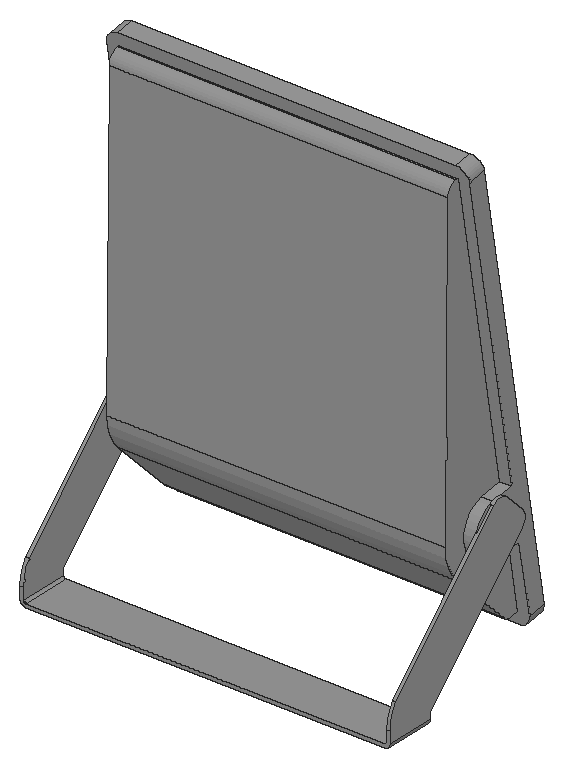
Revit family "0048538", category Lighting Fixtures, host Face, Revit 2017
Family settings
  Host = Face
  Round Connector Dimension = Use Diameter
  Part Type = Normal
  OmniClass Number = 23.80.70.00
  OmniClass Title = Lighting
  Cut with Voids When Loaded = No
  Light Source = No
  Shared = No
  Room Calculation Point = No
Parameters (values of type "0048538 START FLOOD IP66 20KLM 840 WB")
  WingRadius_SYL = 10 mm
  WingLength_SYL = if([50W_SYL], 100 mm, if([100W_SYL], 142 mm, if([150W_SYL], 142 mm, if([200W_SYL], 150 mm, 170 mm))))  # 142 mm
  WidthBracket_SYL = 40 mm
  Weight = "4.6 kg"
  Wattage Comments = ""
  WarrantyStartDate [instance] = "n/a"
  WarrantyGuarantorParts = "n/a"
  WarrantyDurationUnit = "n/a"
  WarrantyDurationParts = "n/a"
  WarrantyDescription = "n/a"
  Voltage = 0 V
  URL = "http://www.sylvania-lighting.com"
  TypeName = "Start Flood IP66 20KLM 840 WB"
  TypeHead_SYL = START Flood IP66 150W luminaire : 0048538
  Type Image = <None>
  Type Comments = "n/a"
  ThicknessBracket_SYL = 3 mm
  SerialNumber [instance] = "n/a"
  RotationAngle_SYL [instance] = -100.00°
  RadiusOutBracket_SYL = 5 mm
  RadiusInBracket_SYL = 2 mm
  Material_3_SYL = none
  PowerFactor = 0.99
  PowerConsumption = "150 W"
  NominalLength = 451 mm
  NominalHeight = 77 mm
  NominalDepth = 330 mm
  Name = "Start Flood IP66 20KLM 840 WB"
  ModelReference = Name  # "Start Flood IP66 20KLM 840 WB"
  ModelNumber = "0048538"
  Model = Name  # "Start Flood IP66 20KLM 840 WB"
  Material = "n/a"
  ManufacturerName = "Feilo Sylvania"
  Manufacturer = "Feilo Sylvania"
  LuminousEfficacy = "139 lm/W"
  LuminaireType = ""
  LightOutputRatio = "n/a"
  LengthIn_SYL = if([50W_SYL], 210 mm, if([100W_SYL], 300 mm, if([150W_SYL], 295 mm, if([200W_SYL], 360 mm, 430 mm))))  # 295 mm
  LampsType = Lamp  # "LED"
  LampNominalLuminous = "20800 lm"
  LampMacAdamStep = "4"
  LampColourTemperature = "4000 K"
  LampColourRenderingIndex = "70"
  Lamp = "LED"
  Keynote = "16500"
  InstallationDate [instance] = "n/a"
  InputVoltage = "n/a"
  InputNominalFrequency = "n/a"
  IngressProtection = "IP66"
  ImpactProtectionIndex = "IK08"
  IfcExportType = "IfcLightFixtureType"
  IfcExportAs = "IfcLightFixtureType"
  EndAngle_SYL [instance] = RotationAngle_SYL + 180.00°  # 80.00°
  ElectricShockClassification = "Class I"
  DocumentationLiterature = "http://www.sylvania-lighting.com/product/en-int/products/0048538"
  DimmingControlOptions = "n/a"
  Material_2_SYL = none
  Description = "Exterior LED Floodlight, comes complete with 1500mm flying lead and adjustable bracket, aluminium housing, clear glass diffuser, IP66, IK08, Class I, 4000K, Non-dimming, 20800lm, 150W, 139lm/W, CRI80, Symmetrical Wide beam angle (60°), 60000 hrs L70B50 lifetime, 451 x 330 x 77mm (LxWxD) dimensions, 4.6kg weight."
  Default Elevation = 1219.2 mm
  CreatedOn = "9/23/2020"
  CreatedBy = "@sylvania-lighting.com"
  Cost = 0
  built-in parameter 1114216 [instance] = (empty or 0)
  ClassificationValue = "EF_70_80"
  ClassificationName = "Uniclass2015"
  Material_1_SYL = Steel, Paint Finish, Dark Gray, Matte
  BarCode [instance] = "n/a"
  AxisOffsetWingEnd_SYL = WidthBracket_SYL / 2  # 20 mm
  AxisHeight_SYL = sin(45.00°) * WingLength_SYL  # 100.409 mm
  AxisDepth_SYL = cos(45.00°) * (WingLength_SYL - tan(45.00°) * AxisOffsetWingEnd_SYL - AxisOffsetWingEnd_SYL)  # 72.125 mm
  AssetType = "Fixed"
  AssetIdentifier [instance] = "n/a"
  Assembly Code = "D5020200"
  Apparent Load = 150 VA
  Material_4_SYL = none
  50W_SYL = no
  200W_SYL = no
  150W_SYL = yes
  100W_SYL = no
Reference planes
  plane 1 "Center (Front/Back)": y = 0
  plane 2: z = 0
  plane 3 "Center (Left/Right)": x = 0
  plane 4: x = 150.5
  plane 5: x = -150.5
  plane 6: x = 147.5
  plane 7: x = -147.5
  plane 8: z = 10
  plane 9: y = 20
  plane 10: y = -20
  plane 11: z = 3
  plane 12: z = 110.409
  plane 13: y = 92.125
Forms (mm)
  Extrusion 1, solid, material "Steel, Paint Finish, Dark Gray, Matte" <- "Material_1_SYL"
    sketch origin (0, 0, 0) x (1, 0, 0) y (0, 0, 1)
      loop
        arc (145.5, 0) -> (149.036, 1.464) -> (150.5, 5) r 5
        line (150.5, 5) -> (150.5, 10) -> (147.5, 10) -> (147.5, 5)
        arc (147.5, 5) -> (146.914, 3.586) -> (145.5, 3) r 2
        line (145.5, 3) -> (-145.5, 3)
        arc (-145.5, 3) -> (-146.914, 3.586) -> (-147.5, 5) r 2
        line (-147.5, 5) -> (-147.5, 10) -> (-150.5, 10) -> (-150.5, 5)
        arc (-150.5, 5) -> (-149.036, 1.464) -> (-145.5, 0) r 5
        line (-145.5, 0) -> (145.5, 0)
    from -20 to 20
  Extrusion 2, solid, material "Steel, Paint Finish, Dark Gray, Matte" <- "Material_1_SYL"
    sketch origin (147.5, -4572, 2609.058) x (0, 0, 1) y (0, -1, 0)
      loop
        line (-2599.058, -4592) -> (-2505.72, -4685.338)
        arc (-2505.72, -4685.338) -> (-2498.649, -4688.267) -> (-2491.578, -4685.338) r 10
        line (-2491.578, -4685.338) -> (-2477.436, -4671.196)
        arc (-2477.436, -4671.196) -> (-2474.507, -4664.125) -> (-2477.436, -4657.054) r 10
        line (-2477.436, -4657.054) -> (-2576.632, -4557.858)
        arc (-2576.632, -4557.858) -> (-2585.316, -4553.5) -> (-2594.916, -4552) r 31.464
        line (-2594.916, -4552) -> (-2599.058, -4552) -> (-2599.058, -4592)
    from 0 to 3
  Extrusion 3, solid, material "Steel, Paint Finish, Dark Gray, Matte" <- "Material_1_SYL"
    sketch origin (-150.5, -4572, 2609.058) x (0, 0, 1) y (0, -1, 0)
      loop
        arc (-2505.72, -4685.338) -> (-2498.649, -4688.267) -> (-2491.578, -4685.338) r 10
        line (-2491.578, -4685.338) -> (-2477.436, -4671.196)
        arc (-2477.436, -4671.196) -> (-2474.507, -4664.125) -> (-2477.436, -4657.054) r 10
        line (-2477.436, -4657.054) -> (-2576.632, -4557.858)
        arc (-2576.632, -4557.858) -> (-2585.316, -4553.5) -> (-2594.916, -4552) r 31.464
        line (-2594.916, -4552) -> (-2604.058, -4552) -> (-2604.058, -4592) -> (-2599.058, -4592) -> (-2505.72, -4685.338)
    from 0 to 3
  Revolve 4, solid, not visible
    sketch origin (1223.4, -4572, 110.409) x (0, -1, 0) y (1, 0, 0)
      loop
        line (-4664.125, -1223.4) -> (-4679.125, -1223.4) -> (-4679.125, -1273.4) -> (-4664.125, -1273.4) -> (-4664.125, -1223.4)
      axis (-4664.125, -1223.4) -> (-4664.125, -1273.4)
    angle from -100 <- "RotationAngle_SYL" to 80 <- "EndAngle_SYL"
Cuts and joins
  joined: Extrusion 1, Extrusion 2, Extrusion 3
Lines and regions (mm)
  reference lines
    curve 1: line (0, 20, 10) -> (0, 172.028, 162.028)
    curve 2: line (0, 133.744, 180.312) -> (0, -20, 26.569)
    curve 3: line (0, 92.125, 138.693) -> (0, 120.409, 110.409)
    curve 4: line (-150.5, 4.393, 22.678) -> (-150.5, 170.135, 188.419)
    curve 5: line (0, 77.983, 124.551) -> (0, 106.267, 96.267)
Dimensions and locks
  locked: plane 8 to plane 2 at 10
  equal spacing: plane 10, plane 1 "Center (Front/Back)", plane 9
  "WidthBracket_SYL": plane 10 to plane 9
  "WidthBracket_SYL": curve 1 to curve 2
  "ThicknessBracket_SYL": plane 11 to plane 2
  "WingLength_SYL": curve 1 to curve 3
  level to Extrusion 1 = 10 mm
  equal spacing: plane 6, plane 3 "Center (Left/Right)", plane 7
  "LengthIn_SYL": plane 6 to plane 7
  equal spacing: plane 4, plane 3 "Center (Left/Right)", plane 5
  "ThicknessBracket_SYL": plane 7 to plane 5
  equal spacing: curve 1, curve 4, curve 2
  "AxisOffsetWingEnd_SYL": curve 3 to curve 5
  "AxisHeight_SYL": plane 12 to plane 8
  "AxisDepth_SYL": plane 9 to plane 13
  "RadiusInBracket_SYL": radius of Extrusion 1 sketch curve  (x2)
  "RadiusOutBracket_SYL": radius of Extrusion 1 sketch curve  (x2)
  "WingRadius_SYL": radius of Extrusion 2 sketch curve  (x2)
  locked: plane 8 to curve 1 (angle 45.00°)
  locked: plane 8 to curve 2 (angle 45.00°)
  aligned and locked: plane 2 to host face
  aligned and locked: level to host face
  aligned and locked: plane 9 to curve 1
  aligned and locked: plane 8 to curve 1
  aligned and locked: plane 10 to curve 2
  aligned and locked: plane 5 to Extrusion 1 sketch curve
  aligned and locked: plane 8 to Extrusion 1 sketch curve  (x2)
  aligned and locked: Extrusion 1 sketch curve to plane 7
  aligned and locked: plane 11 to Extrusion 1 sketch curve
  aligned and locked: plane 6 to Extrusion 1 sketch curve
  aligned and locked: Extrusion 1 sketch curve to plane 4
  aligned and locked: Extrusion 1 to plane 9
  aligned and locked: plane 10 to Extrusion 1
  aligned and locked: Extrusion 2 sketch curve to curve 1
  aligned and locked: curve 2 to Extrusion 2 sketch curve
  aligned and locked: plane 10 to Extrusion 2 sketch curve
  aligned and locked: Extrusion 2 sketch curve to Extrusion 1
  aligned and locked: plane 4 to Extrusion 2
  aligned and locked: Extrusion 2 to plane 6
  aligned and locked: plane 7 to Extrusion 3
  aligned and locked: Extrusion 3 to plane 5
  aligned and locked: cut or joined group of Extrusion 1, Extrusion 2, Extrusion 3 to curve 5  (x2)
  aligned and locked: Revolve 4 sketch curve to plane 13  (x2)
  aligned and locked: Revolve 4 sketch curve to curve 3
  aligned and locked: curve 2 to plane 3 "Center (Left/Right)"
  aligned and locked: Extrusion 3 sketch curve to cut or joined group of Extrusion 1, Extrusion 2, Extrusion 3  (x5)
  aligned and locked: cut or joined group of Extrusion 1, Extrusion 2, Extrusion 3 to Extrusion 3 sketch curve
  aligned and locked: nested 1 to plane 3 "Center (Left/Right)"
Automatic sketch dimensions
  host sketch curve to host sketch curve = 2438.4 mm  (x2)
  curve 4 to plane 1 "Center (Front/Back)" = 4.393 mm
  curve 4 to plane 9 = 150.135 mm
  Revolve 4 sketch curve to Revolve 4 sketch curve = 15 mm
  Revolve 4 sketch curve to plane 3 "Center (Left/Right)" = 50 mm
  Revolve 4 sketch curve to plane 5 = 1316.635 mm
  plane 4 to Revolve 4 sketch curve = 1441.773 mm
  Extrusion 3 sketch curve to plane 10 = 5.858 mm
  plane 12 to Extrusion 3 sketch curve = 7.071 mm
  Extrusion 3 sketch curve to plane 12 = 7.071 mm
  Extrusion 3 sketch curve to Extrusion 3 sketch curve = 7.071 mm
  plane 13 to Extrusion 3 sketch curve = 7.071 mm
  Extrusion 1 sketch curve to Extrusion 1 sketch curve = 0 mm  (x2)
  plane 12 to Extrusion 2 sketch curve = 0 mm
  Extrusion 2 sketch curve to plane 13 = 0 mm
  Extrusion 2 sketch curve to Extrusion 2 sketch curve = 4.142 mm
  Extrusion 2 sketch curve to plane 10 = 5.858 mm
  plane 12 to Extrusion 2 sketch curve = 7.071 mm
  Extrusion 2 sketch curve to plane 12 = 7.071 mm
  plane 13 to Extrusion 2 sketch curve = 7.071 mm
  Extrusion 2 sketch curve to plane 13 = 7.071 mm
Nested families
  nested 1: "START Flood IP66 150W luminaire" at (0, 92.125, 110.409) x (-1, 0, 0) z (0, 0.9848, 0.1736), type <- "TypeHead_SYL", type "0048538"
    with built-in parameter 1114216 (empty or 0), Apparent Load 150 VA
Connectors
  electrical at (4.2, 0, 0), driven by "Voltage", driven by "Apparent Load", driven by "PowerFactor"
    settings: on host face, index 1, voltage 0 V, apparent load 150 VA, apparent load phase1 0 VA, apparent load phase2 0 VA, apparent load phase3 0 VA, power factor 0.99, load classification "Other", number of poles 1, system type 30, power factor state 1, is connector primary yes, connector utility no, sub classification motor no, connector description ""
Definition of nested family "START Flood IP66 150W luminaire"
  Parameters (values of type "0048211 Start Flood IP66 21000lm 740 ASYM")
    WidthHead_SYL = if([50W_SYL], 210 mm, if([100W_SYL], 300 mm, if([150W_SYL], 295 mm, if([200W_SYL], 360 mm, 430 mm))))  # 295 mm
    Wattage Comments = "n/a"
    Wattage = 149 W
    built-in parameter 1150110 = 1 (stored number, unit not read)
    URL = "http://www.sylvania-lighting.com"
    Type Image = (empty or 0)
    Type Comments = "n/a"
    built-in parameter 1114217 = 1 (stored number, unit not read)
    Tilt Angle = -90.00°
    built-in parameter 1150109 = 1 (stored number, unit not read)
    built-in parameter 1150134 = 12
    built-in parameter 1150113 = 1 (stored number, unit not read)
    ScreenThickness_SYL = 14.5 mm  # constant formula
    ReflectorOffset_SYL = 12 mm  # constant formula
    ReflectorOffsetIn_SYL = RadiusReflectorFront_SYL  # 30 mm
    ReflectorHeight_SYL = if([50W_SYL], 145 mm, if([100W_SYL], 165 mm, if([150W_SYL], 210 mm, if([200W_SYL], 240 mm, 290 mm))))  # 210 mm
    RadiusReflectorIn_SYL = 5 mm  # constant formula
    RadiusReflectorFront_SYL = if([50W_SYL], 30 mm, if([100W_SYL], 30 mm, if([150W_SYL], 30 mm, if([200W_SYL], 30 mm, 35 mm))))  # 30 mm
    RadiusHinge_SYL = RadiusBack_SYL / 1.8  # 22.222 mm
    RadiusBack_SYL = if([50W_SYL], 31.3 mm, if([100W_SYL], 40 mm, if([150W_SYL], 40 mm, if([200W_SYL], 50 mm, 55 mm))))  # 40 mm
    Photometric Web File = "0048211.ies"
    OffsetBack_SYL = 10 mm  # constant formula
    Material_5_SYL = none
    Material_3_SYL = none
    Model = "Start Flood IP66 21000lm 740 ASYM"
    Manufacturer = "Feilo Sylvania"
    built-in parameter 1150105 = 11135.6 (stored number, unit not read)
    Lumens = 20562 lm
    built-in parameter 1150115 = 1 (stored number, unit not read)
    built-in parameter 1150137 = (empty or 0)
    built-in parameter 1150139 = (empty or 0)
    built-in parameter 1150112 = 1 (stored number, unit not read)
    built-in parameter 1150114 = 1 (stored number, unit not read)
    Lamp = "LED"
    Keynote = "16500"
    Material_2_SYL = none
    built-in parameter 1150132 = (empty or 0)
    built-in parameter 1150102 = (empty or 0)
    built-in parameter 1150107 = 4000 (stored number, unit not read)
    built-in parameter 1150138 = (empty or 0)
    built-in parameter 1150106 = 111.36 (stored number, unit not read)
    HeightHead_SYL = if([50W_SYL], 250 mm, if([100W_SYL], 320 mm, if([150W_SYL], 367 mm, if([200W_SYL], 400 mm, 470 mm))))  # 367 mm
    Emit from Rectangle Width = WidthHead_SYL - 4 mm - ReflectorOffset_SYL * 2 - ReflectorOffsetIn_SYL * 2  # 207 mm
    Emit from Rectangle Length = ReflectorHeight_SYL - ReflectorOffsetIn_SYL * 2  # 150 mm
    Emit Shape Visible in Rendering = no
    built-in parameter 1150104 = 12.821 (stored number, unit not read)
    Dimming Lamp Color Temperature Shift = (empty or 0)
    Description = ""
    Default Elevation = 1219.2 mm
    Cost = 0
    Color Filter = 16777215
    built-in parameter 1114216 [instance] = (empty or 0)
    Material_1_SYL = none
    Chamfer_SYL = if([50W_SYL], 15 mm, if([100W_SYL], 15 mm, if([150W_SYL], 15 mm, if([200W_SYL], 15 mm, 20 mm))))  # 15 mm
    built-in parameter 1114218 = 1 (stored number, unit not read)
    AxisOffsetBottom_SYL = if([50W_SYL], 68 mm, if([100W_SYL], 80 mm, if([150W_SYL], 92.2 mm, if([200W_SYL], 99.7 mm, 117 mm))))  # 92.2 mm
    AxisOffsetFront_SYL = if([50W_SYL], 28.4 mm, if([100W_SYL], 33.2 mm, if([150W_SYL], 33.2 mm, if([200W_SYL], 32.9 mm, 38.3 mm))))  # 33.2 mm
    built-in parameter 1150133 = 10 (stored number, unit not read)
    Assembly Code = "D5020200"
    Apparent Load = 149 VA
    Material_4_SYL = none
    50W_SYL = no
    200W_SYL = no
    150W_SYL = yes
    100W_SYL = no
  Types (2, lengths in mm): name | Photometric Web File | Model | built-in parameter 1150105 | Lumens | built-in parameter 1150106 | built-in parameter 1150104
    0048211 Start Flood IP66 21000lm 740 ASYM | "0048211.ies" | "Start Flood IP66 21000lm 740 ASYM" | 11135.6 (stored number, unit not read) | 20562 lm | 111.36 (stored number, unit not read) | 12.821 (stored number, unit not read)
    0048210 Start Flood IP66 21000lm 740 WB | "0048210.ies" | "Start Flood IP66 21000lm 740 WB" | 24061.3 (stored number, unit not read) | 21605 lm | 240.61 (stored number, unit not read) | 13.471 (stored number, unit not read)
  Reference planes
    plane 1 "Center (Front/Back)": y = 0
    plane 2: z = 0
    plane 3 "Center (Left/Right)": x = 0
    plane 4: x = 147.5
    plane 5: x = -147.5
    plane 6: y = -92.2
    plane 7: y = 274.8
    plane 8: z = 33.2
    plane 9: z = 18.7
    plane 10: y = 264.8
    plane 11: y = -82.2
    plane 12: x = -137.5
    plane 13: x = 137.5
    plane 14: x = -145.5
    plane 15: y = 272.8
    plane 16: x = 145.5
    plane 17: y = -90.2
    plane 18: y = 257.8
    plane 19: x = 130.5
    plane 20: x = -130.5
    plane 21: y = -75.2
    plane 22: z = 31.2
    plane 23: z = 8.7
    plane 24: x = -133.5
    plane 25: y = 260.8
    plane 26: x = 133.5
    plane 27: y = 50.8
    plane 28: x = -103.5
    plane 29: y = 80.8
    plane 30: x = 103.5
    plane 31: y = 230.8
    plane 32: y = 155.8
  Forms (mm)
    Extrusion 1, solid
      sketch origin (4.2, 0, 0) x (1, 0, 0) y (0, 1, 0)
        loop
          line (-1219.2, 1219.2) -> (-1219.2, -1219.2) -> (1219.2, -1219.2) -> (1219.2, 1219.2) -> (-1219.2, 1219.2)
      from 0 to -68.017
    Extrusion 2, solid, material <- "Material_1_SYL"
      sketch origin (0, 1219.2, 33.2) x (1, 0, 0) y (0, -1, 0)
        loop
          line (-137.5, 944.4) -> (137.5, 944.4)
          arc (137.5, 944.4) -> (144.571, 947.329) -> (147.5, 954.4) r 10
          line (147.5, 954.4) -> (147.5, 1301.4)
          arc (147.5, 1301.4) -> (144.571, 1308.471) -> (137.5, 1311.4) r 10
          line (137.5, 1311.4) -> (-137.5, 1311.4)
          arc (-137.5, 1311.4) -> (-144.571, 1308.471) -> (-147.5, 1301.4) r 10
          line (-147.5, 1301.4) -> (-147.5, 954.4)
          arc (-147.5, 954.4) -> (-144.571, 947.329) -> (-137.5, 944.4) r 10
      from 0 to 14.5
    Extrusion 3, void
      sketch origin (0, 1219.2, 33.2) x (1, 0, 0) y (0, -1, 0)
        loop
          line (-130.5, 946.4) -> (130.5, 946.4) -> (145.5, 961.4) -> (145.5, 1294.4) -> (130.5, 1309.4) -> (-130.5, 1309.4) -> (-145.5, 1294.4) -> (-145.5, 961.4) -> (-130.5, 946.4)
      from 0 to 2
    Blend 4, void
      base sketch origin (0, 1219.2, 31.2) x (0, -1, 0) y (1, 0, 0)
        loop
          arc (958.4, -103.5) -> (967.187, -124.713) -> (988.4, -133.5) r 30
          line (988.4, -133.5) -> (1138.4, -133.5)
          arc (1138.4, -133.5) -> (1159.613, -124.713) -> (1168.4, -103.5) r 30
          line (1168.4, -103.5) -> (1168.4, 103.5)
          arc (1168.4, 103.5) -> (1159.613, 124.713) -> (1138.4, 133.5) r 30
          line (1138.4, 133.5) -> (988.4, 133.5)
          arc (988.4, 133.5) -> (967.187, 124.713) -> (958.4, 103.5) r 30
          line (958.4, 103.5) -> (958.4, -103.5)
      top sketch origin (0, 1219.2, 31.2) x (0, -1, 0) y (1, 0, 0)
        loop
          arc (988.4, -100.5) -> (990.244, -102.683) -> (992.983, -103.5) r 5
          line (992.983, -103.5) -> (1133.4, -103.5)
          arc (1133.4, -103.5) -> (1136.936, -102.036) -> (1138.4, -98.5) r 5
          line (1138.4, -98.5) -> (1138.4, 98.5)
          arc (1138.4, 98.5) -> (1136.936, 102.036) -> (1133.4, 103.5) r 5
          line (1133.4, 103.5) -> (993.4, 103.5)
          arc (993.4, 103.5) -> (989.864, 102.036) -> (988.4, 98.5) r 5
          line (988.4, 98.5) -> (988.4, -100.5)
      from 0 to -22.5
    Extrusion 5, solid, material <- "Material_1_SYL"
      sketch origin (0, 0, 0) x (0, 1, 0) y (0, 0, 1)
        loop
          line (-82.2, 18.7) -> (-82.2, 13.506)
          arc (-82.2, 13.506) -> (-81.058, 8.865) -> (-77.893, 5.284) r 10
          line (-77.893, 5.284) -> (-22.772, -32.885)
          arc (-22.772, -32.885) -> (-8.374, -39.114) -> (7.312, -39.326) r 40
          line (7.312, -39.326) -> (256.806, 7.063)
          arc (256.806, 7.063) -> (262.548, 10.538) -> (264.8, 16.86) r 10
          line (264.8, 16.86) -> (264.8, 18.7) -> (-82.2, 18.7)
      from -137.5 to 137.5
    Extrusion 6, solid, material <- "Material_4_SYL"
      sketch origin (0, 1219.2, 31.2) x (1, 0, 0) y (0, -1, 0)
        loop
          line (130.5, 946.4) -> (145.5, 961.4) -> (145.5, 1294.4) -> (130.5, 1309.4) -> (-130.5, 1309.4) -> (-145.5, 1294.4) -> (-145.5, 961.4) -> (-130.5, 946.4) -> (130.5, 946.4)
      from -2 to 0
    Extrusion 7, solid, material <- "Material_1_SYL"
      sketch origin (0, 0, 0) x (0, 1, 0) y (0, 0, 1)
        loop
          arc (-22.222, 0) -> (0, -22.222) -> (22.222, 0) r 22.222
          line (22.222, 0) -> (22.222, 18.7) -> (-22.222, 18.7) -> (-22.222, 0)
      from -147.5 to 147.5
  Cuts and joins
    Extrusion 3, Blend 4 cuts Extrusion 2
    joined: Extrusion 2, Extrusion 5, Extrusion 7
  Lines and regions (mm)
    Split face 1
      outline origin (0, 1219.2, 33.2) x (1, 0, 0) y (0, 1, 0)
        loop
          arc (103.5, -1168.4) -> (124.713, -1159.613) -> (133.5, -1138.4) r 30
          line (133.5, -1138.4) -> (133.5, -988.4)
          arc (133.5, -988.4) -> (124.713, -967.187) -> (103.5, -958.4) r 30
          line (103.5, -958.4) -> (-103.5, -958.4)
          arc (-103.5, -958.4) -> (-124.713, -967.187) -> (-133.5, -988.4) r 30
          line (-133.5, -988.4) -> (-133.5, -1138.4)
          arc (-133.5, -1138.4) -> (-124.713, -1159.613) -> (-103.5, -1168.4) r 30
          line (-103.5, -1168.4) -> (103.5, -1168.4)
    reference lines
      curve 1: circle (0, 0, 0) r 40 normal (1, 0, 0)
      curve 2: line (-103.5, 260.8, 33.2) -> (103.5, 260.8, 33.2)
      curve 3: line (-133.5, 80.8, 33.2) -> (-133.5, 230.8, 33.2)
      curve 4: line (103.5, 50.8, 33.2) -> (-103.5, 50.8, 33.2)
      curve 5: line (133.5, 230.8, 33.2) -> (133.5, 80.8, 33.2)
      curve 6: arc (-103.5, 260.8, 33.2) -> (-124.713, 252.013, 33.2) -> (-133.5, 230.8, 33.2) r 30
      curve 7: arc (103.5, 260.8, 33.2) -> (124.713, 252.013, 33.2) -> (133.5, 230.8, 33.2) r 30
      curve 8: arc (-133.5, 80.8, 33.2) -> (-124.713, 59.587, 33.2) -> (-103.5, 50.8, 33.2) r 30
      curve 9: arc (103.5, 50.8, 33.2) -> (124.713, 59.587, 33.2) -> (133.5, 80.8, 33.2) r 30
      curve 10: line (-100.5, 230.8, 33.2) -> (98.5, 230.8, 33.2)
      curve 11: line (-103.5, 85.8, 33.2) -> (-103.5, 226.217, 33.2)
      curve 12: line (98.5, 80.8, 33.2) -> (-98.5, 80.8, 33.2)
      curve 13: line (103.5, 225.8, 33.2) -> (103.5, 85.8, 33.2)
      curve 14: arc (-100.5, 230.8, 33.2) -> (-102.683, 228.956, 33.2) -> (-103.5, 226.217, 33.2) r 5
      curve 15: arc (-98.5, 80.8, 33.2) -> (-102.036, 82.264, 33.2) -> (-103.5, 85.8, 33.2) r 5
      curve 16: arc (103.5, 85.8, 33.2) -> (102.036, 82.264, 33.2) -> (98.5, 80.8, 33.2) r 5
      curve 17: arc (98.5, 230.8, 33.2) -> (102.036, 229.336, 33.2) -> (103.5, 225.8, 33.2) r 5
      curve 18: circle (0, 0, 0) r 22.222 normal (1, 0, 0)
  Dimensions and locks
    equal spacing: plane 4, plane 3 "Center (Left/Right)", plane 5
    "WidthHead_SYL": plane 4 to plane 5
    "AxisOffsetBottom_SYL": plane 6 to plane 1 "Center (Front/Back)"
    "HeightHead_SYL": plane 6 to plane 7
    "AxisOffsetFront_SYL": plane 8 to plane 2
    "ScreenThickness_SYL": plane 9 to plane 8
    equal spacing: plane 12, plane 3 "Center (Left/Right)", plane 13
    "OffsetBack_SYL": plane 5 to plane 12
    "OffsetBack_SYL": plane 10 to plane 7
    "OffsetBack_SYL": plane 6 to plane 11
    locked: plane 6 to plane 17 at 2
    locked: plane 16 to plane 4 at 2
    locked: plane 5 to plane 14 at 2
    locked: plane 15 to plane 7 at 2
    "Chamfer_SYL": plane 19 to plane 16
    "Chamfer_SYL": plane 14 to plane 20
    "Chamfer_SYL": plane 18 to plane 15
    locked: plane 22 to plane 8 at 2
    "Chamfer_SYL": plane 17 to plane 21
    locked: plane 23 to plane 9 at 10
    equal spacing: plane 24, plane 3 "Center (Left/Right)", plane 26
    "ReflectorOffset_SYL": plane 25 to plane 15
    "ReflectorHeight_SYL": plane 27 to plane 25
    "ReflectorOffset_SYL": plane 14 to plane 24
    "ReflectorOffsetIn_SYL": plane 31 to plane 25
    "ReflectorOffsetIn_SYL": plane 24 to plane 28
    "ReflectorOffsetIn_SYL": plane 27 to plane 29
    "ReflectorOffsetIn_SYL": plane 30 to plane 26
    level to Extrusion 7 = 18.7 mm
    equal spacing: plane 29, plane 32, plane 31
    "RadiusBack_SYL": radius of curve 1
    "OffsetBack_SYL": radius of Extrusion 2 sketch curve  (x4)
    "RadiusReflectorFront_SYL": radius of curve 6
    "RadiusReflectorFront_SYL": radius of curve 8
    "RadiusReflectorFront_SYL": radius of curve 9
    "RadiusReflectorFront_SYL": radius of curve 7
    "RadiusReflectorIn_SYL": radius of curve 14
    "RadiusReflectorIn_SYL": radius of curve 15
    "RadiusReflectorIn_SYL": radius of curve 16
    "RadiusReflectorIn_SYL": radius of curve 17
    radius of Extrusion 5 sketch curve = 10 mm  (x2)
    "RadiusHinge_SYL": radius of curve 18
    aligned and locked: plane 2 to Extrusion 1
    aligned and locked: level to Extrusion 1
    aligned and locked: Extrusion 2 sketch curve to plane 7
    aligned and locked: plane 12 to Extrusion 2 sketch curve  (x2)
    aligned and locked: plane 13 to Extrusion 2 sketch curve  (x2)
    aligned and locked: plane 10 to Extrusion 2 sketch curve
    aligned and locked: plane 11 to Extrusion 2 sketch curve  (x2)
    aligned and locked: plane 9 to Extrusion 2
    aligned and locked: Extrusion 2 to plane 8
    aligned and locked: plane 20 to Extrusion 3 sketch curve
    aligned and locked: plane 18 to Extrusion 3 sketch curve
    aligned and locked: plane 14 to Extrusion 3 sketch curve
    aligned and locked: plane 17 to Extrusion 3 sketch curve
    aligned and locked: Extrusion 3 sketch curve to plane 16
    aligned and locked: plane 19 to Extrusion 3 sketch curve
    aligned and locked: plane 15 to Extrusion 3 sketch curve
    aligned and locked: plane 22 to Extrusion 3
    aligned and locked: Extrusion 3 to plane 8
    aligned and locked: curve 2 to plane 25
    aligned and locked: curve 3 to plane 24
    aligned and locked: plane 27 to curve 4
    aligned and locked: plane 26 to curve 5
    aligned and locked: curve 10 to plane 31
    aligned and locked: curve 11 to plane 28
    aligned and locked: plane 29 to curve 12
    aligned and locked: plane 30 to curve 13
    aligned and locked: Blend 4 sketch curve to curve 6
    aligned and locked: Blend 4 sketch curve to curve 8
    aligned and locked: Blend 4 sketch curve to curve 9
    aligned and locked: Blend 4 sketch curve to curve 7
    aligned and locked: Blend 4 sketch curve to curve 10
    aligned and locked: Blend 4 sketch curve to curve 17
    aligned and locked: Blend 4 sketch curve to curve 16
    aligned and locked: Blend 4 sketch curve to curve 15
    aligned and locked: Blend 4 sketch curve to curve 14
    aligned and locked: Blend 4 to plane 22
    aligned and locked: Extrusion 5 sketch curve to curve 1
    aligned and locked: Extrusion 5 to plane 12
    aligned and locked: plane 13 to Extrusion 5
    aligned and locked: plane 23 to Blend 4
    aligned and locked: Extrusion 6 sketch curve to cut or joined group of Extrusion 2, Extrusion 3, Blend 4, Extrusion 5, Extrusion 7  (x8)
    aligned and locked: plane 22 to Extrusion 6
    aligned and locked: Extrusion 6 to plane 8
    aligned and locked: Split face 1 sketch curve to cut or joined group of Extrusion 2, Extrusion 3, Blend 4, Extrusion 5, Extrusion 7  (x4)
    aligned and locked: Extrusion 7 sketch curve to curve 18
    aligned and locked: plane 9 to Extrusion 7 sketch curve  (x2)
    aligned and locked: plane 4 to Extrusion 7
    aligned and locked: Extrusion 7 to plane 5
    aligned and locked: plane 3 "Center (Left/Right)" to imposter light
    aligned and locked: plane 32 to imposter light
    aligned and locked: imposter light to plane 8
  Automatic sketch dimensions
    Extrusion 1 sketch curve to Extrusion 1 sketch curve = 2438.4 mm  (x2)
    Extrusion 3 sketch curve to plane 20 = 0 mm
    Extrusion 3 sketch curve to plane 19 = 0 mm
    plane 21 to Extrusion 3 sketch curve = 0 mm  (x2)
    plane 18 to Extrusion 3 sketch curve = 0 mm
    plane 28 to curve 10 = 3 mm
    curve 1 to curve 18 = 0 mm  (x2)
    curve 18 to level = 0 mm
    curve 18 to plane 1 "Center (Front/Back)" = 0 mm
    Extrusion 7 sketch curve to level = 0 mm
    Extrusion 5 sketch curve to plane 11 = 0 mm
    Extrusion 5 sketch curve to plane 10 = 0 mm
    plane 9 to Extrusion 5 sketch curve = 0 mm
    plane 21 to Extrusion 5 sketch curve = 2.693 mm
    plane 1 "Center (Front/Back)" to Extrusion 5 sketch curve = 22.772 mm
    Extrusion 5 sketch curve to plane 1 "Center (Front/Back)" = 7.312 mm
    plane 18 to Extrusion 5 sketch curve = 0.994 mm
    plane 23 to Extrusion 5 sketch curve = 3.416 mm
    plane 23 to Extrusion 5 sketch curve = 1.637 mm
